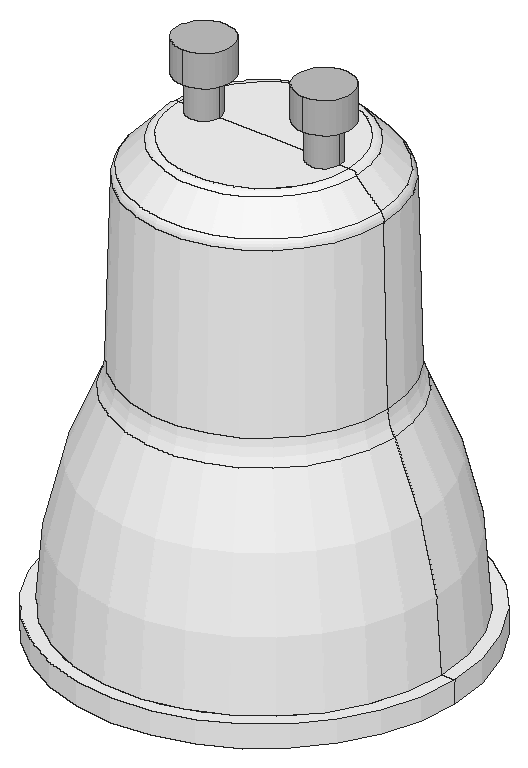
Revit family "STH8513_27_30_40_65", category Luminárias, Revit 2023
Family settings
  Cota do conector redondo = Utilizar diâmetro
  Tipo de parte = Normal
  Com base no plano de trabalho = Não
  Sempre na vertical = Sim
  Corte com vazios quando carregada = Não
  Fonte luminosa = Sim
  Manter orientação da anotação = Não
  Compartilhado = Não
  Ponto de cálculo do ambiente = Não
Parameters (values of type "STH8513/27 - BIVOLT - 2700K - 240lm - 36º")
  Ângulo de inclinação = 90.00°
  Ângulo de Abertura = "36°"
  Wattage = 1.61571 W
  Vidro = Vidro
  URL = "https://stella.com.br/"
  Troca de temperatura da cor de lâmpada com esmaecimento = <Nenhum>
  Tensão Elétrica = "100V-240V"
  built-in parameter 1150107 = 2700 (stored number, unit not read)
  Temperatura da cor (K) = 2700 K
  Referência = "STH8513/27 - BIVOLT"
  Potência = 3 W
  built-in parameter 1150110 = 1 (stored number, unit not read)
  built-in parameter 1150109 = 1 (stored number, unit not read)
  built-in parameter 1114218 = 1 (stored number, unit not read)
  built-in parameter 1150112 = 1 (stored number, unit not read)
  built-in parameter 1150113 = 1 (stored number, unit not read)
  built-in parameter 1150132 = 2
  built-in parameter 1150137 = (empty or 0)
  Modelo = "Mini Dicroica MR11 ECO\r\nAR70 PRO 7º 4,7W\r\nAR 70 PRO 7º 4,7W"
  Luminoso [instance] = Luminoso - 2700K
  built-in parameter 1150106 = 0.19099 (stored number, unit not read)
  built-in parameter 1150102 = (empty or 0)
  built-in parameter 1150105 = 19.099 (stored number, unit not read)
  IRC (Índice de reprodução de cores) = ">80"
  Grau de proteção (IP) = "IP20"
  Fluxo Luminoso = 240 lm
  Color Filter = 16777215
  built-in parameter 1114217 = 1 (stored number, unit not read)
  built-in parameter 1150139 = (empty or 0)
  Fabricante = "Stella"
  Estrutura [instance] = Al - Branco
  Default Elevation = 0.00 m
  built-in parameter 1150104 = 13.8 (stored number, unit not read)
  Diâmetro = 0.035 m
  Dimerização = "Não dimerizável"
  built-in parameter 1150115 = 1 (stored number, unit not read)
  built-in parameter 1150114 = 1 (stored number, unit not read)
  Cromado = Cromado
  Lumens = 240 lm
  built-in parameter 1150138 = (empty or 0)
  built-in parameter 1150134 = (empty or 0)
  Arquivo de rede fotométrica = "STELLA - STH8513-27 - MINI DICROICA MR11 ECO 3W.ies"
  Altura = 0.046961 m
  built-in parameter 1150133 = 10 (stored number, unit not read)
Types (5, lengths in m): name | Wattage | built-in parameter 1150107 | Temperatura da cor (K) | Referência | Luminoso | built-in parameter 1150106 | built-in parameter 1150105 | Fluxo Luminoso | Lumens | built-in parameter 1150134 | Arquivo de rede fotométrica
  (no name) | 1.61571 W | 2700 (stored number, unit not read) | 2700 K | "STH8513/27 - BIVOLT" | Luminoso - 2700K | 0.19099 (stored number, unit not read) | 19.099 (stored number, unit not read) | 240 lm | 240 lm | (empty or 0) | "STELLA - STH8513-27 - MINI DICROICA MR11 ECO 3W.ies"
  STH8513/27 - BIVOLT - 2700K - 240lm - 36º | 1.61571 W | 2700 (stored number, unit not read) | 2700 K | "STH8513/27 - BIVOLT" | Luminoso - 2700K | 0.19099 (stored number, unit not read) | 19.099 (stored number, unit not read) | 240 lm | 240 lm | (empty or 0) | "STELLA - STH8513-27 - MINI DICROICA MR11 ECO 3W.ies"
  STH8513/30 - BIVOLT - 3000K - 250lm - 36º | 1.68303 W | 3000 (stored number, unit not read) | 3000 K | "STH8513/30 - BIVOLT" | Luminoso - 3000K | 5.0372 (stored number, unit not read) | 503.72 (stored number, unit not read) | 250 lm | 250 lm | (empty or 0) | "STELLA - STH8513-30 - MINI DICROICA MR11 ECO 3W.ies"
  STH8513/40 - BIVOLT - 4000K - 260lm - 36° | 1.75035 W | 4000 (stored number, unit not read) | 4000 K | "STH8513/40 - BIVOLT" | Luminoso - 4000K | 5.0857 (stored number, unit not read) | 508.57 (stored number, unit not read) | 260 lm | 260 lm | 12 | "STELLA - STH8513-40 - MINI DICROICA MR11 ECO 3W.ies"
  STH8513/65 - BIVOLT - 6500K - 260lm - 36º | 1.75035 W | 6500 (stored number, unit not read) | 6500 K | "STH8513/65 - BIVOLT" | Luminoso - 6500K | 5.0857 (stored number, unit not read) | 508.57 (stored number, unit not read) | 260 lm | 260 lm | 1 | "STELLA - STH8513-65 - MINI DICROICA MR11 ECO 3W.ies"
Reference planes (m)
  plane 1 "Centro (Frente/Trás)": y = 0
  plane 2: z = 0
  plane 3 "Centro (Esquerda/Direita)": x = 0
  plane 4: x = 0.0175
  plane 5: x = -0.0175
  plane 6 "Superior": z = 0.044961
  plane 7 "Base": z = -0.002
  plane 8: y = 0.0175
  plane 9: y = -0.0175
Forms (m)
  Revolve 1, solid, material "Vidro" <- "Vidro"
    sketch origin (0, 0, -0.006567) x (1, 0, 0) y (0, 0, 1)
      loop
        arc (-0.0051, 0.006418) -> (-0.002575, 0.005881) -> (0, 0.005702) r 0.018517
        line (0, 0.005702) -> (0, 0.007974) -> (-0.0051, 0.007974) -> (-0.010382, 0.006038) -> (-0.014775, 0.006038)
        arc (-0.014775, 0.006038) -> (-0.014904, 0.005307) -> (-0.014946, 0.004567) r 0.00642
        line (-0.014946, 0.004567) -> (-0.010197, 0.004567) -> (-0.0051, 0.006418)
      axis (0, 0.007974) -> (0, 0.004567)
    angle from 0 to 360
  Extrusion 2, solid, material "Cromado"
    sketch origin (-0.0005, 0, 0) x (1, 0, 0) y (0, 1, 0)
      loop
        circle (-0.00505, 0) r 0.00145
    from 0.0388 to 0.042061
  Extrusion 3, solid, material "Cromado"
    sketch origin (-0.00085, 0.000392, 0) x (1, 0, 0) y (0, 1, 0)
      loop
        circle (-0.0047, -0.000392) r 0.00245
    from 0.042061 to 0.044961
  Extrusion 4, solid, material "Cromado"
    sketch origin (0.0005, 0, 0) x (-1, 0, 0) y (0, -1, 0)
      loop
        circle (-0.00505, 0) r 0.00145
    from 0.0388 to 0.042061
  Revolve 5, solid, material "Luminoso - 2700K" <- "Luminoso"
    sketch origin (0, 0, -0.003764) x (1, 0, 0) y (0, 0, 1)
      loop
        line (0, 0.005171) -> (0, 0.006241) -> (-0.0051, 0.006241) -> (-0.0051, 0.005171) -> (0, 0.005171)
      axis (0, 0.006241) -> (0, 0.005171)
    angle from 0 to 360
  Revolve 6, solid, material "Cromado" <- "Cromado"
    sketch origin (0, 0, 0.001939) x (1, 0, 0) y (0, 0, 1)
      loop
        line (-0.010382, -0.002467) -> (-0.0051, -0.000531) -> (-0.0051, 0.000539) -> (-0.010324, -0.001698) -> (-0.014555, -0.001698) -> (-0.014775, -0.002467) -> (-0.010382, -0.002467)
      axis (0, 0.000539) -> (0, -0.002467)
    angle from 0 to 360
  Extrusion 7, solid, material "Cromado"
    sketch origin (0.01025, 0.000392, 0) x (1, 0, 0) y (0, 1, 0)
      loop
        circle (-0.0047, -0.000392) r 0.00245
    from 0.042061 to 0.044961
  Revolve 8, solid, material "Al - Branco" <- "Estrutura"
    sketch origin (0, 0, 0) x (1, 0, 0) y (0, 0, 1)
      loop
        arc (0.011063, 0.03545) -> (0.010975, 0.035867) -> (0.010743, 0.036224) r 0.00117
        line (0.010743, 0.036224) -> (0.008596, 0.038488)
        arc (0.008596, 0.038488) -> (0.008265, 0.038719) -> (0.00787, 0.0388) r 0.001
        line (0.00787, 0.0388) -> (0.00005, 0.0388) -> (0.00005, 0.0374) -> (0.007698, 0.0374) -> (0.009666, 0.035324) -> (0.010066, 0.020143)
        arc (0.010066, 0.020143) -> (0.01027, 0.018716) -> (0.010789, 0.017371) r 0.0064
        arc (0.010789, 0.017371) -> (0.013969, 0.008943) -> (0.01505, 0) r 0.03754
        line (0.01505, 0) -> (0.01505, -0.002) -> (0.01765, -0.002) -> (0.01765, 0) -> (0.01645, 0)
        arc (0.01645, 0) -> (0.015329, 0.009276) -> (0.01203, 0.018019) r 0.03894
        arc (0.01203, 0.018019) -> (0.011625, 0.019069) -> (0.011465, 0.020184) r 0.005
        line (0.011465, 0.020184) -> (0.011063, 0.03545)
      axis (0, 0.0388) -> (0, -0.002)
    angle from 0 to 360
Cuts and joins
  joined: Extrusion 2, Extrusion 3
Dimensions and locks (m)
  "Altura": plane 6 "Superior" to plane 7 "Base"
  "Diâmetro": plane 8 to plane 9
  aligned and locked: level to plane 2
Automatic sketch dimensions
  Revolve 1 sketch curve to plane 7 "Base" = 0.00 m
  Revolve 1 sketch curve to plane 3 "Centro (Esquerda/Direita)" = 0.00 m  (x2)
  level to Revolve 1 sketch curve = 0.001407 m
  Revolve 1 sketch curve to plane 3 "Centro (Esquerda/Direita)" = 0.0051 m
  Revolve 1 sketch curve to level = 0.000149 m
  Revolve 1 sketch curve to Revolve 1 sketch curve = 0.00 m
  Revolve 1 sketch curve to Revolve 1 sketch curve = 0.003427 m
  Revolve 1 sketch curve to Revolve 1 sketch curve = 0.001671 m
  Revolve 1 sketch curve to level = 0.000528 m
  Revolve 1 sketch curve to Revolve 1 sketch curve = 0.000185 m
  plane 5 to Revolve 1 sketch curve = 0.002725 m
  Revolve 1 sketch curve to level = 0.000865 m
  Revolve 1 sketch curve to plane 7 "Base" = 0.010049 m
  Revolve 1 sketch curve to Revolve 1 sketch curve = 0.001226 m
  plane 1 "Centro (Frente/Trás)" to Extrusion 2 sketch curve = 0.00 m
  Extrusion 2 sketch curve to plane 3 "Centro (Esquerda/Direita)" = 0.00555 m
  Extrusion 3 sketch curve to Extrusion 3 sketch curve = 0.00 m  (x2)
  plane 1 "Centro (Frente/Trás)" to Extrusion 3 sketch curve = 0.00 m
  Extrusion 3 sketch curve to plane 3 "Centro (Esquerda/Direita)" = 0.00555 m
  plane 1 "Centro (Frente/Trás)" to Extrusion 3 sketch curve = 0.00245 m
  plane 1 "Centro (Frente/Trás)" to Extrusion 4 sketch curve = 0.00 m
  plane 3 "Centro (Esquerda/Direita)" to Extrusion 4 sketch curve = 0.00555 m
  Revolve 5 sketch curve to plane 3 "Centro (Esquerda/Direita)" = 0.00 m  (x2)
  Revolve 5 sketch curve to level = 0.00 m
  level to Revolve 5 sketch curve = 0.002478 m
  Revolve 5 sketch curve to plane 3 "Centro (Esquerda/Direita)" = 0.0051 m
  Revolve 5 sketch curve to Revolve 5 sketch curve = 0.001071 m
  Revolve 5 sketch curve to Revolve 5 sketch curve = 0.001668 m
  Revolve 6 sketch curve to plane 3 "Centro (Esquerda/Direita)" = 0.00 m
  level to Revolve 6 sketch curve = 0.002478 m
  Revolve 6 sketch curve to plane 3 "Centro (Esquerda/Direita)" = 0.0051 m
  level to Revolve 6 sketch curve = 0.000241 m
  Revolve 6 sketch curve to Revolve 6 sketch curve = 0.005224 m
  Revolve 6 sketch curve to Revolve 6 sketch curve = 0.000058 m
  plane 5 to Revolve 6 sketch curve = 0.002945 m
  Revolve 6 sketch curve to level = 0.000528 m
  Revolve 6 sketch curve to Revolve 6 sketch curve = 0.000221 m
  Revolve 6 sketch curve to Revolve 6 sketch curve = 0.001071 m
  level to Revolve 6 sketch curve = 0.00179 m
  Revolve 6 sketch curve to Revolve 6 sketch curve = 0.003451 m
  Extrusion 7 sketch curve to Extrusion 7 sketch curve = 0.00 m  (x2)
  plane 1 "Centro (Frente/Trás)" to Extrusion 7 sketch curve = 0.00 m
  plane 3 "Centro (Esquerda/Direita)" to Extrusion 7 sketch curve = 0.00555 m
  plane 1 "Centro (Frente/Trás)" to Extrusion 7 sketch curve = 0.00245 m
  Revolve 8 sketch curve to Revolve 8 sketch curve = 0.00 m  (x4)
  Revolve 8 sketch curve to level = 0.00 m
  Revolve 8 sketch curve to plane 3 "Centro (Esquerda/Direita)" = 0.00 m
  Revolve 8 sketch curve to plane 7 "Base" = 0.00 m
  Revolve 8 sketch curve to plane 5 = 0.00499 m
  plane 3 "Centro (Esquerda/Direita)" to Revolve 8 sketch curve = 0.00005 m
  Revolve 8 sketch curve to Revolve 8 sketch curve = 0.007648 m
  Revolve 8 sketch curve to Revolve 8 sketch curve = 0.000172 m
  Revolve 8 sketch curve to Revolve 8 sketch curve = 0.000726 m
  Revolve 8 sketch curve to Revolve 8 sketch curve = 0.001968 m
  Revolve 8 sketch curve to Revolve 8 sketch curve = 0.000227 m
  Revolve 8 sketch curve to plane 4 = 0.007434 m
  Revolve 8 sketch curve to Revolve 8 sketch curve = 0.000849 m
  Revolve 8 sketch curve to Revolve 8 sketch curve = 0.000321 m
  Revolve 8 sketch curve to Revolve 8 sketch curve = 0.001399 m
  Revolve 8 sketch curve to plane 4 = 0.00245 m
  Revolve 8 sketch curve to plane 4 = 0.00105 m
  Revolve 8 sketch curve to plane 4 = 0.001037 m
  plane 4 to Revolve 8 sketch curve = 0.00015 m
  level to Revolve 8 sketch curve = 0.020143 m
  Revolve 8 sketch curve to Revolve 8 sketch curve = 0.000041 m
  Revolve 8 sketch curve to Revolve 8 sketch curve = 0.000148 m
  Revolve 8 sketch curve to plane 6 "Superior" = 0.009637 m
  Revolve 8 sketch curve to Revolve 8 sketch curve = 0.000094 m
  Revolve 8 sketch curve to Revolve 8 sketch curve = 0.000031 m
  Revolve 8 sketch curve to plane 6 "Superior" = 0.007561 m
  Revolve 8 sketch curve to Revolve 8 sketch curve = 0.0004 m
  Revolve 8 sketch curve to Revolve 8 sketch curve = 0.000688 m
  Revolve 8 sketch curve to plane 7 "Base" = 0.001356 m
  Revolve 8 sketch curve to plane 6 "Superior" = 0.002867 m
  radius of Extrusion 2 sketch curve = 0.00145 m
  radius of Extrusion 4 sketch curve = 0.00145 m
Connectors (m)
  electrical at (0, 0, 0.044961)
    settings: index 1, voltage 0 V, apparent load 0 VA, apparent load phase1 0 VA, apparent load phase2 0 VA, apparent load phase3 0 VA, power factor 1, load classification "Outro", number of poles 1, system type 31, power factor state 1, is connector primary yes, connector utility no, sub classification motor no, connector description ""
